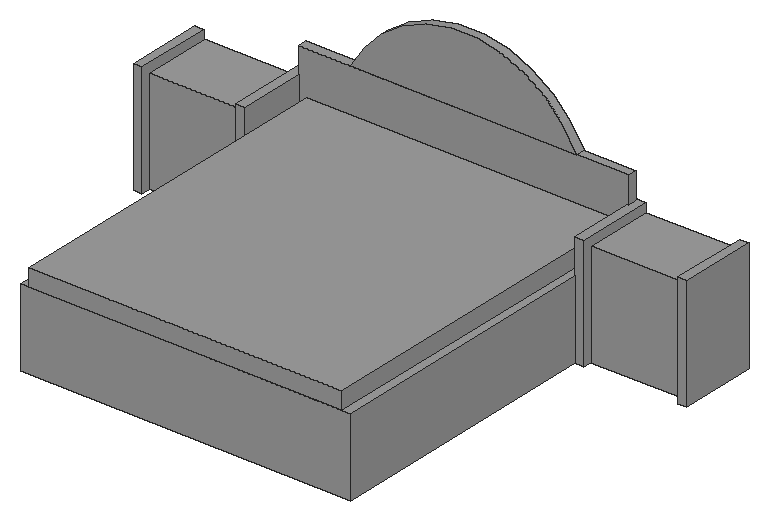
Revit family "Bed", category 家具, Revit 2025
Family settings
  OmniClass 编号 = 23.40.20.00
  OmniClass 标题 = General Furniture and Specialties
  基于工作平面 = 否
  视图中启用分割 = 否
  总是垂直 = 是
  载入时剪切的空心 = 否
  渲染外观源 = 族几何图形
  共享 = 否
  房间计算点 = 否
Parameters
  默认高程 = 0 mm
  TwoCabinets = yes
Reference planes
  plane 1 "中心(前/后)": y = 0
  plane 2: z = 0
  plane 3 "中心(左/右)": x = 0
  plane 4: x = 950
  plane 5: x = -950
  plane 6: y = 1000
  plane 7: y = -1000
  plane 8: x = -900
  plane 9: x = 900
  plane 10: y = 1050
  plane 11: z = 1200
  plane 12: x = -650
  plane 13: x = 650
Forms (mm)
  Extrusion 1, solid, material "默认墙"
    sketch origin (0, 0, 0) x (1, 0, 0) y (0, 1, 0)
      loop
        line (-950, 1000) -> (-950, -1000) -> (950, -1000) -> (950, 1000) -> (-950, 1000)
    from 0 to 450
  Extrusion 2, solid, material "默认墙"
    sketch origin (0, 0, 0) x (1, 0, 0) y (0, 1, 0)
      loop
        line (-900, 1000) -> (-900, -1000) -> (900, -1000) -> (900, 1000) -> (-900, 1000)
    from 450 to 550
  Extrusion 3, solid, material "默认墙"
    sketch origin (0, 0, 0) x (1, 0, 0) y (0, 1, 0)
      loop
        line (-950, 1050) -> (-950, 1000) -> (950, 1000) -> (950, 1050) -> (-950, 1050)
    from 0 to 800
  Extrusion 4, solid, material "默认墙"
    sketch origin (0, 0, 0) x (1, 0, 0) y (0, 0, 1)
      loop
        line (-650, 800) -> (650, 800)
        arc (650, 800) -> (0, 1200) -> (-650, 800) r 728.125
    from -1000 to -1050
Dimensions and locks
  aligned and locked: level to plane 2
Nested families
  nested 1: "Cabinet" at (-1270, 860, 0), visible <- "TwoCabinets", type "Cabinet"
  nested 2: "Cabinet" at (1270, 860, 0), visible <- "TwoCabinets", type "Cabinet"
Definition of nested family "Cabinet"
  Parameters
    Default Elevation = 0 mm
  Reference planes
    plane 1 "中心(前/后)": y = 0
    plane 2: z = 0
    plane 3 "中心(左/右)": x = 0
    plane 4: x = 270
    plane 5: x = -270
    plane 6: y = 197
    plane 7: y = -197
    plane 8: x = -320
    plane 9: x = 320
    plane 10: y = -247
  Forms (mm)
    Extrusion 1, solid
      sketch origin (0, 0, 0) x (1, 0, 0) y (0, 1, 0)
        loop
          line (-270, 197) -> (-270, -197) -> (270, -197) -> (270, 197) -> (-270, 197)
      from 0 to 600
    Extrusion 2, solid
      sketch origin (0, 0, 0) x (1, 0, 0) y (0, 1, 0)
        loop
          line (-320, 197) -> (-320, -247) -> (-270, -247) -> (-270, 197) -> (-320, 197)
        loop
          line (270, 197) -> (270, -247) -> (320, -247) -> (320, 197) -> (270, 197)
      from 0 to 650
  Dimensions and locks
    aligned and locked: level to plane 2
